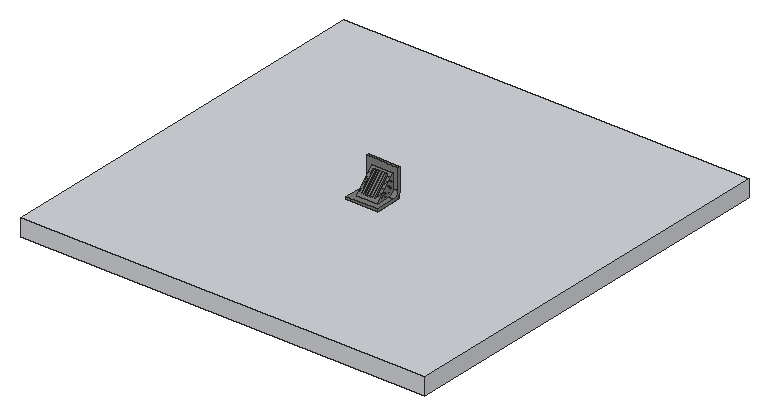
Revit family
Parameters
  URL = "WWW.MIFAB.COM"
  Roof Drain Material = Roof Drain
  Pipe Radius = 1.50"
  Pipe Diameter = Pipe Radius * 2  # 3.00"
  Model = "R1302"
  Manufacturer = "MIFAB"
  Description = "SCUPPER DRAIN WITH ANGLE GRATE AND 90 DEGREE OUTLET"
  Default Elevation = 48.00"
Reference planes (in)
  plane 1 "Center (Front/Back)": y = 0
  plane 2: z = 0
  plane 3 "Center (Left/Right)": x = 0
  plane 4: x = -3.75
  plane 5: x = 3.75
  plane 6: x = -1.965
  plane 7 "1": x = 1.965
  plane 8 "2": x = 2.465
  plane 9: x = -2.465
  plane 10: y = -5.152
  plane 11: y = -6.68
  plane 12: y = 1.25
  plane 13: z = 8.13
  plane 14: z = 0
  plane 15: z = 0.2
  plane 16: z = 1.5
  plane 17: z = 2
  plane 18: y = 2.45
  plane 19: through (0, -2.68327, 4.17393) normal (0, 0.7071, -0.7071)
  plane 20: y = -0.74783
  plane 21: z = 2.21126
  plane 22: z = 1.451
Forms (in)
  Extrusion 1, solid
    sketch origin (0, 0, 0) x (1, 0, 0) y (0, 1, 0)
      loop
        line (-48, 48) -> (-48, -48) -> (48, -48) -> (48, 48) -> (-48, 48)
    from 0 to -4
  Extrusion 2, solid, material "Roof Drain" <- "Roof Drain Material"
    sketch origin (1.23765, -0.001, 1.451) x (0, -1, 0) y (0, 0, 1)
      loop
        arc (-0.001, 1.81932) -> (0.53287, 0.53287) -> (1.81932, 0) r 1.81932
        line (1.81932, 0) -> (6.679, 0) -> (6.679, 0.549) -> (1.81932, 0.549)
        arc (1.81932, 0.549) -> (0.92136, 0.92095) -> (0.54941, 1.81891) r 1.26991
        line (0.54941, 1.81891) -> (0.54941, 6.679) -> (-0.001, 6.679) -> (-0.001, 1.81932)
    from -2.51235 to 4.98765
  Extrusion 3, solid, material "Roof Drain" <- "Roof Drain Material"
    sketch origin (2.465, 60, 49.451) x (0, 1, 0) y (0, 0, -1)
      loop
        line (-58.75, 43.13104) -> (-58.75, 49.251) -> (-64.43887, 49.251) -> (-65.48858, 48) -> (-61.82032, 48)
        arc (-61.82032, 48) -> (-60.53387, 47.46713) -> (-60, 46.18068) r 1.81932
        line (-60, 46.18068) -> (-60, 42.14609) -> (-58.75, 43.13104)
    from 0 to 4.93
  Extrusion 4, solid, material "Roof Drain" <- "Roof Drain Material"
    sketch origin (0, 0, 1.451) x (0, 1, 0) y (0, 0, 1)
      loop
        line (-0.55041, 5.151) -> (-5.152, 0.549) -> (-1.82032, 0.549)
        arc (-1.82032, 0.549) -> (-0.92236, 0.92095) -> (-0.55041, 1.81891) r 1.26991
        line (-0.55041, 1.81891) -> (-0.55041, 5.151)
      loop
        line (-2.54184, 2.86435) -> (-2.68327, 2.72293) -> (-1.15478, 1.19444) -> (-1.01335, 1.33586) -> (-2.54184, 2.86435)
      loop
        line (-2.8954, 2.51079) -> (-3.03682, 2.36937) -> (-1.50833, 0.84088) -> (-1.36691, 0.9823) -> (-2.8954, 2.51079)
      loop
        line (-3.24895, 2.15724) -> (-3.39037, 2.01582) -> (-2.15876, 0.7842) -> (-2.01734, 0.92563) -> (-3.24895, 2.15724)
      loop
        line (-3.6025, 1.80369) -> (-3.74393, 1.66227) -> (-2.87169, 0.79003) -> (-2.73026, 0.93145) -> (-3.6025, 1.80369)
      loop
        line (-3.95606, 1.45013) -> (-4.09748, 1.30871) -> (-3.58461, 0.79585) -> (-3.44319, 0.93727) -> (-3.95606, 1.45013)
      loop
        line (-4.26274, 1.11221) -> (-4.40416, 0.97078) -> (-4.25067, 0.81729) -> (-4.10925, 0.95872) -> (-4.26274, 1.11221)
      loop
        line (-2.32971, 3.07648) -> (-1.01997, 1.76674) -> (-0.87855, 1.90816) -> (-2.18829, 3.2179) -> (-2.32971, 3.07648)
      loop
        line (-1.97616, 3.43003) -> (-0.96329, 2.41717) -> (-0.82187, 2.55859) -> (-1.83474, 3.57145) -> (-1.97616, 3.43003)
      loop
        line (-1.62261, 3.78359) -> (-0.96911, 3.1301) -> (-0.82769, 3.27152) -> (-1.48118, 3.92501) -> (-1.62261, 3.78359)
      loop
        line (-1.26905, 4.13714) -> (-0.97494, 3.84303) -> (-0.83352, 3.98445) -> (-1.12763, 4.27856) -> (-1.26905, 4.13714)
    from 2.465 to -2.465
  Extrusion 5, solid, material "Roof Drain" <- "Roof Drain Material"
    sketch origin (0, 0, -22.049) x (1, 0, 0) y (0, 0, 1)
      loop
        circle (0, 23.549) r 1.5
    from -2.45 to -1.25
  Extrusion 6, void
    sketch origin (0, 0, 1.451) x (0, 1, 0) y (0, 0, 1)
      loop
        line (-4.65761, 0.74858) -> (-1.75791, 0.74858)
        arc (-1.75791, 0.74858) -> (-1.05077, 1.04149) -> (-0.75787, 1.74863) r 1.00004
        line (-0.75787, 1.74863) -> (-0.75787, 4.64832) -> (-4.65761, 0.74858)
    from -1.965 to 1.965
  Extrusion 7, void
    sketch origin (0, 0, -22.049) x (1, 0, 0) y (0, 0, 1)
      loop
        line (-1.7775, 28.87336) -> (-1.7775, 24.62889) -> (-1.45465, 24.62889) -> (-1.45465, 28.87336) -> (-1.7775, 28.87336)
      loop
        line (-1.1525, 28.87336) -> (-1.1525, 24.62889) -> (-0.82965, 24.62889) -> (-0.82965, 28.87336) -> (-1.1525, 28.87336)
      loop
        line (-0.5275, 28.87336) -> (-0.5275, 24.62889) -> (-0.20465, 24.62889) -> (-0.20465, 28.87336) -> (-0.5275, 28.87336)
      loop
        line (1.7775, 28.87336) -> (1.45465, 28.87336) -> (1.45465, 24.62889) -> (1.7775, 24.62889) -> (1.7775, 28.87336)
      loop
        line (1.1525, 28.87336) -> (0.82965, 28.87336) -> (0.82965, 24.62889) -> (1.1525, 24.62889) -> (1.1525, 28.87336)
      loop
        line (0.5275, 28.87336) -> (0.20465, 28.87336) -> (0.20465, 24.62889) -> (0.5275, 24.62889) -> (0.5275, 28.87336)
    from 0.97769 to 4.69455
Cuts and joins
  Extrusion 6 cuts Extrusion 2
  Extrusion 6 cuts Extrusion 3
  Extrusion 6, Extrusion 7 cuts Extrusion 4
Dimensions and locks (in)
  plane 4 to plane 3 "Center (Left/Right)" to plane 5 = 3.75" locked, 3.75" locked
  plane 6 to plane 3 "Center (Left/Right)" to plane 7 "1" = 1.965" locked, 1.965" locked
  locked: plane 7 "1" to plane 8 "2" at 0.5
  locked: plane 9 to plane 6 at 0.5
  plane 12 to plane 11 = 7.93"
  plane 1 "Center (Front/Back)" to plane 11 = 6.68"
  plane 14 to plane 13 = 8.13"
  plane 15 to plane 13 = 7.93"
  "Pipe Radius": plane 16 to plane 14
  plane 18 to plane 11 = 9.13"
  locked: plane 22 to level at 1.451
  "Pipe Radius": radius of Extrusion 5 sketch curve
  aligned and locked: plane 2 to Extrusion 1
  aligned and locked: level to Extrusion 1
  aligned and locked: Extrusion 2 to Extrusion 4 sketch curve
  aligned and locked: Extrusion 4 sketch curve to Extrusion 2
  aligned and locked: Extrusion 3 to plane 15
  aligned and locked: Extrusion 5 to plane 12
  aligned and locked: Extrusion 5 to plane 18
  aligned and locked: plane 16 to Extrusion 5 sketch curve
  aligned and locked: Extrusion 6 sketch curve to Extrusion 4
  aligned and locked: plane 22 to cut or joined group of Extrusion 2, Extrusion 6
  aligned and locked: Extrusion 3 sketch curve to plane 22
  aligned and locked: plane 1 "Center (Front/Back)" to Extrusion 3 sketch curve
  aligned and locked: Extrusion 3 sketch curve to plane 12
  aligned and locked: plane 15 to Extrusion 3 sketch curve
Automatic sketch dimensions
  Extrusion 1 sketch curve to Extrusion 1 sketch curve = 96.00"  (x2)
  Extrusion 2 sketch curve to Extrusion 2 sketch curve = 0.00"  (x2)
  Extrusion 2 sketch curve to Extrusion 2 sketch curve = 0.00041"
  Extrusion 2 sketch curve to plane 1 "Center (Front/Back)" = 0.00"
  plane 13 to Extrusion 2 sketch curve = 0.00"
  Extrusion 2 sketch curve to Extrusion 2 sketch curve = 0.001"
  Extrusion 2 sketch curve to Extrusion 2 sketch curve = 0.54941"
  Extrusion 2 sketch curve to plane 17 = 0.00"
  Extrusion 2 sketch curve to Extrusion 2 sketch curve = 1.26991"
  Extrusion 3 sketch curve to Extrusion 3 sketch curve = 0.001"
  Extrusion 3 sketch curve to plane 1 "Center (Front/Back)" = 1.82032"
  Extrusion 3 sketch curve to Extrusion 3 sketch curve = 0.00"
  Extrusion 3 sketch curve to plane 13 = 1.81004"
  Extrusion 3 sketch curve to plane 13 = 0.82509"
  plane 19 to Extrusion 4 sketch curve = 0.00"  (x18)
  Extrusion 4 sketch curve to plane 21 = 0.35194"
  Extrusion 4 sketch curve to Extrusion 4 sketch curve = 0.14142"  (x6)
  Extrusion 4 sketch curve to plane 21 = 0.05703"
  Extrusion 4 sketch curve to Extrusion 4 sketch curve = 0.15349"
  Extrusion 4 sketch curve to plane 21 = 0.54845"
  Extrusion 4 sketch curve to plane 21 = 0.68987"
  Extrusion 4 sketch curve to plane 21 = 0.902"
  Extrusion 4 sketch curve to plane 21 = 1.04343"
  Extrusion 4 sketch curve to plane 21 = 0.03559"
  Extrusion 4 sketch curve to plane 21 = 1.25556"
  Extrusion 4 sketch curve to plane 21 = 1.39698"
  Extrusion 4 sketch curve to plane 21 = 1.60911"
  Extrusion 4 sketch curve to plane 21 = 1.75053"
  Extrusion 4 sketch curve to plane 21 = 0.02976"
  Extrusion 4 sketch curve to Extrusion 4 sketch curve = 0.21213"  (x6)
  Extrusion 4 sketch curve to plane 21 = 0.02394"
  Extrusion 4 sketch curve to plane 21 = 0.08062"
  plane 20 to Extrusion 4 sketch curve = 0.27214"
  plane 20 to Extrusion 4 sketch curve = 0.22711"
  plane 20 to Extrusion 4 sketch curve = 0.22129"
  plane 20 to Extrusion 4 sketch curve = 0.21547"
  Extrusion 4 sketch curve to Extrusion 4 sketch curve = 0.87244"
  Extrusion 5 sketch curve to plane 3 "Center (Left/Right)" = 0.00"
  Extrusion 6 sketch curve to plane 17 = 0.19958"
  plane 1 "Center (Front/Back)" to Extrusion 6 sketch curve = 1.75791"
  plane 1 "Center (Front/Back)" to Extrusion 6 sketch curve = 0.75787"
  plane 6 to Extrusion 7 sketch curve = 0.1875"
  Extrusion 7 sketch curve to Extrusion 7 sketch curve = 0.32285"  (x4)
  Extrusion 7 sketch curve to Extrusion 7 sketch curve = 0.30215"  (x4)
  Extrusion 7 sketch curve to plane 3 "Center (Left/Right)" = 0.20465"
  plane 3 "Center (Left/Right)" to Extrusion 7 sketch curve = 0.20465"
  plane 7 "1" to Extrusion 7 sketch curve = 0.1875"
  Extrusion 7 sketch curve to plane 17 = 0.57989"  (x2)
  Extrusion 7 sketch curve to Extrusion 7 sketch curve = 0.00"  (x8)
  plane 13 to Extrusion 7 sketch curve = 1.30564"  (x2)
  Extrusion 2 sketch curve to plane 11 = 0.00"
  Extrusion 3 sketch curve to plane 10 = 0.71313"
  plane 10 to Extrusion 3 sketch curve = 0.33658"
  Extrusion 4 sketch curve to plane 10 = 0.00"
  Extrusion 4 sketch curve to Extrusion 4 sketch curve = 0.30668"
Connectors (in)
  piping at (0, 2.45, 1.5), driven by "Pipe Radius"
    settings: on Extrusion 5, index 1, connector radius 1 1/2", flow factor 0, pipe flow 0 GPM, pressure drop 0.00 psi, fitting loss kfactor 0, connector angle 0.00°, fixture units 0, flow configuration 0, flow direction 2, fitting loss method 0, system type 16, connector reference index -1, connector utility 0, adjustable connector no, is connector primary yes, fitting loss table "", connector description ""
